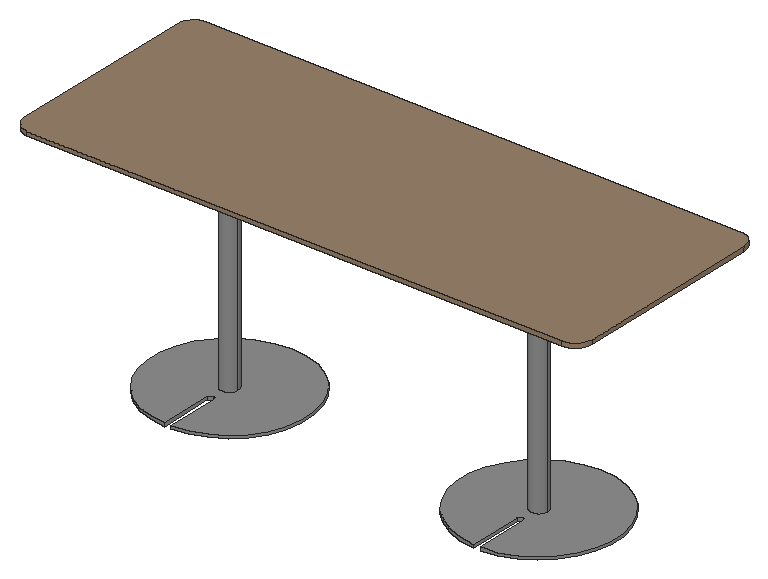
Revit family "Slitz", category Мебель, Revit 2017
Family settings
  Номер OmniClass = 23.40.20.00
  Заголовок OmniClass = General Furniture and Specialties
  На основе рабочей плоскости = Нет
  Всегда вертикально = Да
  При загрузке вырезать с полостями = Нет
  Общий = Нет
  Точка расчета площади = Нет
Parameters (values of type "HB-588")
  URL = "http://file-system.ru/catalog/zdaniya_i_sooruzheniya/interer/mebel/_slitz_hb_788_skandiform_stol/"
  Комментарии к типоразмеру = "Created by Astacus AB"
  Column Height = Height - 12 mm  # 688 mm
  Column foot = Slitz-Column foot-Double : Slitz-Column foot-Double
  Группа модели = "HB-588"
  Изготовитель = "Skandiform AB"
  Ключевая пометка = "XBE.1"
  Height = 700 mm
  Disc = Slitz-Disc-Oblong : Slitz-Disc-Oblong
  Описание = "Table with top in birch,- oak veneer or white solid laminate (F2255). Chassis in chromium."
  Table Top = Skandiform Wood Birch veneer
Types (22, lengths in mm): name | URL | Column Height | Column foot | Группа модели | Height | Disc
  (no name) | "http://file-system.ru/catalog/zdaniya_i_sooruzheniya/interer/mebel/_slitz_hb_788_skandiform_stol/" | 688 | Slitz-Column foot-Double : Slitz-Column foot-Double | "HB-588" | 700 | Slitz-Disc-Oblong : Slitz-Disc-Oblong
  LB-689 | "http://www.biminfo.se/?productid=333203" | 438 | Slitz-Column foot-Simple : Slitz-Column foot-Simple | "LB-689" | 450 | Slitz-Skiva-rund105 : Slitz-Disc-rund105
  LB-690 | "http://www.biminfo.se/?productid=333203" | 438 | Slitz-Column foot-Simple : Slitz-Column foot-Simple | "LB-690" | 450 | Slitz-Disc-Square : Slitz-Disc-Square
  LB-688 | "http://www.biminfo.se/?productid=333203" | 438 | Slitz-Column foot-Double : Slitz-Column foot-Double | "LB-688" | 450 | Slitz-Disc-Oblong : Slitz-Disc-Oblong
  LB-693 | "http://www.biminfo.se/?productid=333203" | 438 | Slitz-Column foot-Simple : Slitz-Column foot-Simple | "LB-693" | 450 | Slitz-Disc-rund65 : Slitz-Disc-rund65
  LB-694 | "http://www.biminfo.se/?productid=333203" | 438 | Slitz-Column foot-Simple : Slitz-Column foot-Simple | "LB-624" | 450 | Slitz-Disc-rund85 : Slitz-Disc-rund85
  LB-630 | "http://www.biminfo.se/?productid=333203" | 588 | Slitz-Column foot-Simple : Slitz-Column foot-Simple | "LB-630" | 600 | Slitz-Disc-Square : Slitz-Disc-Square
  LB-628 | "http://www.biminfo.se/?productid=333203" | 588 | Slitz-Column foot-Double : Slitz-Column foot-Double | "LB-628" | 600 | Slitz-Disc-Oblong : Slitz-Disc-Oblong
  LB-633 | "http://www.biminfo.se/?productid=333203" | 588 | Slitz-Column foot-Simple : Slitz-Column foot-Simple | "LB-633" | 600 | Slitz-Disc-rund65 : Slitz-Disc-rund65
  LB-634 | "http://www.biminfo.se/?productid=333203" | 588 | Slitz-Column foot-Simple : Slitz-Column foot-Simple | "LB-634" | 600 | Slitz-Disc-rund85 : Slitz-Disc-rund85
  HB-589 | "http://www.biminfo.se/?productid=333203" | 688 | Slitz-Column foot-Simple : Slitz-Column foot-Simple | "HB-589" | 700 | Slitz-Skiva-rund105 : Slitz-Disc-rund105
  HB-590 | "http://www.biminfo.se/?productid=333203" | 688 | Slitz-Column foot-Simple : Slitz-Column foot-Simple | "HB-590" | 700 | Slitz-Disc-Square : Slitz-Disc-Square
  HB-588 | "http://file-system.ru/catalog/zdaniya_i_sooruzheniya/interer/mebel/_slitz_hb_788_skandiform_stol/" | 688 | Slitz-Column foot-Double : Slitz-Column foot-Double | "HB-588" | 700 | Slitz-Disc-Oblong : Slitz-Disc-Oblong
  HB-593 | "http://www.biminfo.se/?productid=333203" | 688 | Slitz-Column foot-Simple : Slitz-Column foot-Simple | "HB-593" | 700 | Slitz-Disc-rund65 : Slitz-Disc-rund65
  HB-594 | "http://www.biminfo.se/?productid=333203" | 688 | Slitz-Column foot-Simple : Slitz-Column foot-Simple | "HB-594" | 700 | Slitz-Disc-rund85 : Slitz-Disc-rund85
  HB-990 | "http://www.biminfo.se/?productid=333203" | 888 | Slitz-Column foot-Simple : Slitz-Column foot-Simple | "HB-990" | 900 | Slitz-Disc-Square : Slitz-Disc-Square
  HB-988 | "http://www.biminfo.se/?productid=333203" | 888 | Slitz-Column foot-Double : Slitz-Column foot-Double | "HB-988" | 900 | Slitz-Disc-Oblong : Slitz-Disc-Oblong
  HB-993 | "http://www.biminfo.se/?productid=333203" | 888 | Slitz-Column foot-Simple : Slitz-Column foot-Simple | "HB-993" | 900 | Slitz-Disc-rund65 : Slitz-Disc-rund65
  HB-994 | "http://www.biminfo.se/?productid=333203" | 888 | Slitz-Column foot-Simple : Slitz-Column foot-Simple | "HB-994" | 900 | Slitz-Disc-rund85 : Slitz-Disc-rund85
  HB-790 | "http://www.biminfo.se/?productid=333203" | 1088 | Slitz-Column foot-Simple : Slitz-Column foot-Simple | "HB-790" | 1100 | Slitz-Disc-Square : Slitz-Disc-Square
  HB-788 | "http://www.biminfo.se/?productid=333203" | 1088 | Slitz-Column foot-Double : Slitz-Column foot-Double | "HB-788" | 1100 | Slitz-Disc-Oblong : Slitz-Disc-Oblong
  HB-793 | "http://www.biminfo.se/?productid=333203" | 1088 | Slitz-Column foot-Simple : Slitz-Column foot-Simple | "HB-793" | 1100 | Slitz-Disc-rund85 : Slitz-Disc-rund85
Reference planes
  plane 1 "Center (Front/Back)": y = 0
  plane 2: z = 0
  plane 3 "Center (Left/Right)": x = 0
Dimensions and locks
  aligned and locked: level to plane 2
Nested families
  nested 1: "Slitz-Column foot-Double" at (0, 0, 0), type <- "Column foot", type "Slitz-Column foot-Double"
    with Pelarhöjd 688 mm
  nested 2: "Slitz-Disc-Oblong" at (0, 0, 0), type <- "Disc", type "Slitz-Disc-Oblong"
Definition of nested family "Slitz-Column foot-Double"
  Parameters
    Pelarhöjd = 588 mm
    Model = ""
    Manufacturer = "Skandiform"
  Reference planes
    plane 1 "Center (Front/Back)": y = 0
    plane 2: z = 0
    plane 3 "Center (Left/Right)": x = 0
  Forms (mm)
    Extrusion 1, solid
      sketch origin (450, 0, 0) x (1, 0, 0) y (0, 1, 0)
        loop
          arc (0, 224.901) -> (-224.944, 4.902) -> (-10, -224.876) r 225
          line (-10, -224.876) -> (-10, -69.778)
          arc (-10, -69.778) -> (0, -59.778) -> (10, -69.778) r 10
          line (10, -69.778) -> (10, -224.876)
          arc (10, -224.876) -> (224.944, 4.902) -> (0, 224.901) r 225
      from 0 to 8
    Extrusion 2, solid
      sketch origin (450, 0, 0) x (1, 0, 0) y (0, 1, 0)
        loop
          circle (0, 0) r 25
      from 8 to 588
    Extrusion 3, solid
      sketch origin (-450, 0, 0) x (-1, 0, 0) y (0, -1, 0)
        loop
          arc (0, -224.901) -> (224.944, -4.902) -> (10, 224.876) r 225
          line (10, 224.876) -> (10, 69.778)
          arc (10, 69.778) -> (0, 59.778) -> (-10, 69.778) r 10
          line (-10, 69.778) -> (-10, 224.876)
          arc (-10, 224.876) -> (-224.944, -4.902) -> (0, -224.901) r 225
      from 0 to 8
    Extrusion 4, solid
      sketch origin (-450, 0, 0) x (-1, 0, 0) y (0, -1, 0)
        loop
          circle (0, 0) r 25
      from 8 to 588
  Dimensions and locks
    "Pelarhöjd": Extrusion 2 to Extrusion 1
    "Pelarhöjd": level to Extrusion 4
    aligned and locked: level to plane 2
  Automatic sketch dimensions
    Extrusion 1 sketch curve to Extrusion 1 sketch curve = 0 mm  (x2)
    plane 1 "Center (Front/Back)" to Extrusion 1 sketch curve = 69.778 mm
    plane 3 "Center (Left/Right)" to Extrusion 1 sketch curve = 440 mm
    Extrusion 1 sketch curve to plane 1 "Center (Front/Back)" = 224.901 mm
    Extrusion 1 sketch curve to Extrusion 1 sketch curve = 10 mm  (x2)
    Extrusion 1 sketch curve to Extrusion 1 sketch curve = 155.098 mm
    plane 1 "Center (Front/Back)" to Extrusion 2 sketch curve = 0 mm
    plane 3 "Center (Left/Right)" to Extrusion 2 sketch curve = 450 mm
    Extrusion 3 sketch curve to Extrusion 3 sketch curve = 0 mm  (x2)
    Extrusion 3 sketch curve to plane 1 "Center (Front/Back)" = 69.778 mm
    plane 3 "Center (Left/Right)" to Extrusion 3 sketch curve = 440 mm
    plane 1 "Center (Front/Back)" to Extrusion 3 sketch curve = 224.901 mm
    Extrusion 3 sketch curve to Extrusion 3 sketch curve = 10 mm  (x2)
    Extrusion 3 sketch curve to Extrusion 3 sketch curve = 155.098 mm
    plane 1 "Center (Front/Back)" to Extrusion 4 sketch curve = 0 mm
    plane 3 "Center (Left/Right)" to Extrusion 4 sketch curve = 450 mm
    radius of Extrusion 2 sketch curve = 25 mm
    radius of Extrusion 4 sketch curve = 25 mm
Definition of nested family "Slitz-Disc-Oblong"
  Parameters
    Model = ""
    Manufacturer = "Skandiform"
    Höjd = 700 mm
    Bordskiva = none
  Reference planes
    plane 1 "Center (Front/Back)": y = 0
    plane 2: z = 0
    plane 3 "Center (Left/Right)": x = 0
  Forms (mm)
    Extrusion 1, solid, material <- "Bordskiva"
      sketch origin (0, 0, 0) x (1, 0, 0) y (0, 1, 0)
        loop
          line (775, 325) -> (-779.374, 325)
          arc (-779.374, 325) -> (-811.636, 311.636) -> (-825, 279.374) r 45.626
          line (-825, 279.374) -> (-825, -275)
          arc (-825, -275) -> (-811.879, -308.844) -> (-779.374, -325) r 50.21
          line (-779.374, -325) -> (775, -325)
          arc (775, -325) -> (810.355, -310.355) -> (825, -275) r 50
          line (825, -275) -> (825, 275)
          arc (825, 275) -> (810.355, 310.355) -> (775, 325) r 50
      from 688 to 700
  Lines and regions (mm)
    Masking region 1
      outline origin (0, 0, 0) x (1, 0, 0) y (0, 1, 0)
        loop
          arc (-779.374, 325) -> (-811.636, 311.636) -> (-825, 279.374) r 45.626
          line (-825, 279.374) -> (-825, -275)
          arc (-825, -275) -> (-811.879, -308.844) -> (-779.374, -325) r 50.21
          line (-779.374, -325) -> (775, -325)
          arc (775, -325) -> (810.355, -310.355) -> (825, -275) r 50
          line (825, -275) -> (825, 275)
          arc (825, 275) -> (810.355, 310.355) -> (775, 325) r 50
          line (775, 325) -> (-779.374, 325)
  Dimensions and locks
    "Höjd": level to Extrusion 1
    locked: Extrusion 1 to Extrusion 1 at 12
    aligned and locked: level to plane 2
  Automatic sketch dimensions
    plane 1 "Center (Front/Back)" to Extrusion 1 sketch curve = 275 mm
    Extrusion 1 sketch curve to plane 3 "Center (Left/Right)" = 825 mm
    Extrusion 1 sketch curve to Extrusion 1 sketch curve = 45.626 mm  (x2)
    Extrusion 1 sketch curve to Extrusion 1 sketch curve = 50.21 mm
    plane 3 "Center (Left/Right)" to Extrusion 1 sketch curve = 775 mm
    Extrusion 1 sketch curve to Extrusion 1 sketch curve = 0 mm
    Extrusion 1 sketch curve to Extrusion 1 sketch curve = 50 mm
    Extrusion 1 sketch curve to plane 1 "Center (Front/Back)" = 275 mm
    Masking region 1 sketch curve to plane 3 "Center (Left/Right)" = 825 mm
    Masking region 1 sketch curve to Masking region 1 sketch curve = 45.626 mm  (x2)
    Masking region 1 sketch curve to Masking region 1 sketch curve = 50.21 mm
    plane 1 "Center (Front/Back)" to Masking region 1 sketch curve = 325 mm
    plane 3 "Center (Left/Right)" to Masking region 1 sketch curve = 775 mm
    Masking region 1 sketch curve to Masking region 1 sketch curve = 0 mm
    Masking region 1 sketch curve to Masking region 1 sketch curve = 50 mm
    Masking region 1 sketch curve to plane 1 "Center (Front/Back)" = 275 mm
